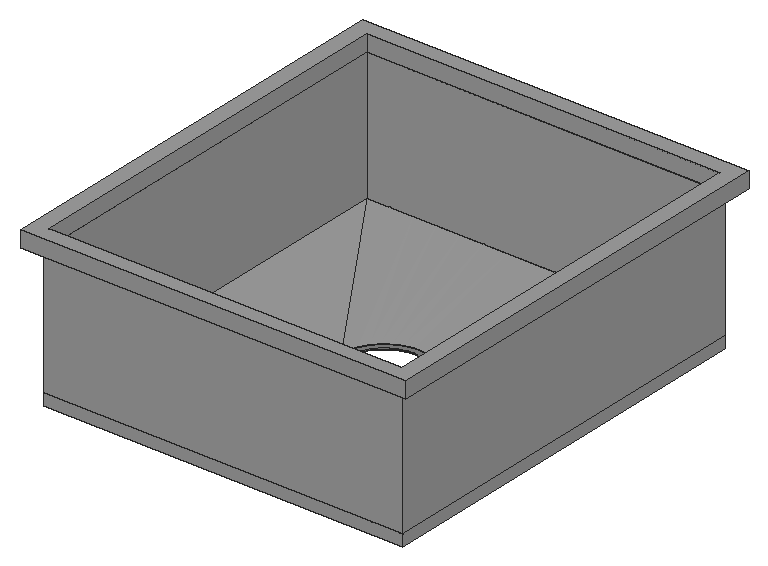
Revit family "224216 - Commercial Sinks - Mop Sink - Rectangle", category Plumbing Fixtures, Revit 2020
Family settings
  Round Connector Dimension = Use Diameter
  Part Type = Normal
  OmniClass Number = 23.45.00.00
  OmniClass Title = Sanitary, Laundry, and Cleaning Equipment
  Work Plane-Based = No
  Always vertical = Yes
  Cut with Voids When Loaded = No
  Shared = No
  Room Calculation Point = No
Parameters (values of type "2x2")
  Width = 2' - 0 3/8"
  Waste Connection = yes
  WFU = 0
  Strainer = Steel - Zurn Industries - Stainless Type 304 CF8
  Outlet Radius = 2 5/16"
  Depth = 2' - 3 1/8"
  Default Elevation = 0' - 0"
  Body = Fiberglass - Zurn Industries, LLC - Grey Composite
Reference planes (in)
  plane 1 "Center (Front/Back)": y = 0
  plane 2: z = 0
  plane 3 "Center (Left/Right)": x = 0
  plane 4: x = -12.1875
  plane 5: x = 12.1875
  plane 6: y = -13.5625
  plane 7: y = 13.5625
  plane 8: y = 12.5625
  plane 9: x = -11.1875
  plane 10: y = -12.5625
  plane 11: x = 11.1875
  plane 12: y = 12.75
  plane 13: x = -11.375
  plane 14: y = -12.75
  plane 15: x = 11.375
  plane 16: y = 1.71875
  plane 17: y = 2.46875
  plane 18: y = 9.6875
Forms (in)
  Extrusion 1, solid, material "Fiberglass - Zurn Industries, LLC - Grey Composite" <- "Body"
    sketch origin (0, 0, 0) x (1, 0, 0) y (0, 1, 0)
      loop
        line (-12.1875, 13.5625) -> (-12.1875, -13.5625) -> (12.1875, -13.5625) -> (12.1875, 13.5625) -> (-12.1875, 13.5625)
      loop
        line (-11.1875, 12.5625) -> (-11.1875, -12.5625) -> (11.1875, -12.5625) -> (11.1875, 12.5625) -> (-11.1875, 12.5625)
    from 9 to 10
  Extrusion 2, solid, material "Fiberglass - Zurn Industries, LLC - Grey Composite" <- "Body"
    sketch origin (0, 0, 0) x (1, 0, 0) y (0, 1, 0)
      loop
        line (-11.375, 12.75) -> (-11.375, -12.75) -> (11.375, -12.75) -> (11.375, 12.75) -> (-11.375, 12.75)
      loop
        circle (0, 0) r 2.75
    from 0 to 0.71875
  Extrusion 3, solid, material "Fiberglass - Zurn Industries, LLC - Grey Composite" <- "Body"
    sketch origin (0, 0, 0) x (1, 0, 0) y (0, 1, 0)
      loop
        line (-11.1875, 12.5625) -> (-11.1875, -12.5625) -> (11.1875, -12.5625) -> (11.1875, 12.5625) -> (-11.1875, 12.5625)
      loop
        line (-11.375, 12.75) -> (-11.375, -12.75) -> (11.375, -12.75) -> (11.375, 12.75) -> (-11.375, 12.75)
    from 0 to 9
  Extrusion 4, void
    sketch origin (0, 0, 0) x (1, 0, 0) y (0, 1, 0)
      loop
        circle (0, 0) r 2.3125
    from 0 to 0.71875
  Extrusion 5, solid, material "Steel - Zurn Industries - Stainless Type 304 CF8" <- "Strainer"
    sketch origin (0, 0, 0) x (1, 0, 0) y (0, 1, 0)
      loop
        circle (0, 0) r 2.75
    from 0.31275 to 0.34375
  Blend 6, void, detail levels fine
    base sketch origin (0, 0, 0) x (1, 0, 0) y (0, 1, 0)
      loop
        circle (0, 0) r 2.75
    top sketch origin (0, 0, 0) x (1, 0, 0) y (0, 1, 0)
      loop
        line (-11.1875, 12.5625) -> (-11.1875, -12.5625) -> (11.1875, -12.5625) -> (11.1875, 12.5625) -> (-11.1875, 12.5625)
    from 0.34375 to 0.71875
Cuts and joins
  Extrusion 4 cuts Extrusion 5
  Blend 6 cuts Extrusion 2
Dimensions and locks (in)
  equal spacing: plane 4, plane 3 "Center (Left/Right)", plane 5
  plane 4 to plane 5 = 2' - 0 3/8"
  equal spacing: plane 7, plane 1 "Center (Front/Back)", plane 6
  plane 7 to plane 6 = 2' - 3 1/8"
  locked: plane 10 to plane 6 at 1
  locked: plane 4 to plane 9 at 1
  locked: plane 11 to plane 5 at 1
  locked: plane 7 to plane 8 at 1
  locked: plane 10 to plane 14 at 0.1875
  locked: plane 11 to plane 15 at 0.1875
  locked: plane 13 to plane 9 at 0.1875
  locked: plane 12 to plane 8 at 0.1875
  locked: plane 7 to plane 16 at 11.84375
  plane 18 to plane 17 to plane 16 = 0' - 7 7/32" locked, 0' - 0 3/4" locked
  "Width": plane 4 to plane 5
  "Depth": plane 7 to plane 6
  plane 3 "Center (Left/Right)" to plane 5 = 1' - 0 3/16"
  plane 1 "Center (Front/Back)" to plane 6 = 1' - 1 9/16"
  radius of cut or joined group of Extrusion 4, Extrusion 5 = 0' - 2 5/16"
  radius of Extrusion 5 sketch curve = 0' - 2 3/4"
  aligned and locked: level to plane 2
  aligned and locked: Extrusion 1 sketch curve to plane 7
  aligned and locked: Extrusion 1 sketch curve to plane 8
  aligned and locked: plane 4 to Extrusion 1 sketch curve
  aligned and locked: plane 9 to Extrusion 1 sketch curve
  aligned and locked: Extrusion 1 sketch curve to plane 5
  aligned and locked: plane 11 to Extrusion 1 sketch curve
  aligned and locked: plane 6 to Extrusion 1 sketch curve
  aligned and locked: plane 10 to Extrusion 1 sketch curve
  aligned and locked: plane 15 to Extrusion 3 sketch curve
  aligned and locked: plane 13 to Extrusion 3 sketch curve
  aligned and locked: plane 14 to Extrusion 3 sketch curve
  aligned and locked: plane 10 to Extrusion 3 sketch curve
  aligned and locked: plane 11 to Extrusion 3 sketch curve
  aligned and locked: Extrusion 3 sketch curve to plane 12
  aligned and locked: Extrusion 3 sketch curve to plane 8
  aligned and locked: Extrusion 2 sketch curve to Extrusion 3  (x2)
  aligned and locked: plane 13 to Extrusion 2 sketch curve
  aligned and locked: plane 14 to Extrusion 2 sketch curve
  aligned and locked: plane 9 to Extrusion 3 sketch curve
  aligned and locked: Extrusion 2 sketch curve to cut or joined group of Extrusion 4, Extrusion 5
  aligned and locked: plane 9 to Blend 6 sketch curve
  aligned and locked: Blend 6 sketch curve to plane 8
  aligned and locked: plane 11 to Blend 6 sketch curve
  aligned and locked: plane 10 to Blend 6 sketch curve
  aligned and locked: Blend 6 sketch curve to Extrusion 2
Automatic sketch dimensions
  plane 1 "Center (Front/Back)" to Extrusion 4 sketch curve = 0' - 0"
  Extrusion 4 sketch curve to plane 3 "Center (Left/Right)" = 0' - 0"
  plane 1 "Center (Front/Back)" to Extrusion 5 sketch curve = 0' - 0"
  Extrusion 5 sketch curve to plane 3 "Center (Left/Right)" = 0' - 0"
  radius of Extrusion 4 sketch curve = 0' - 2 5/16"
